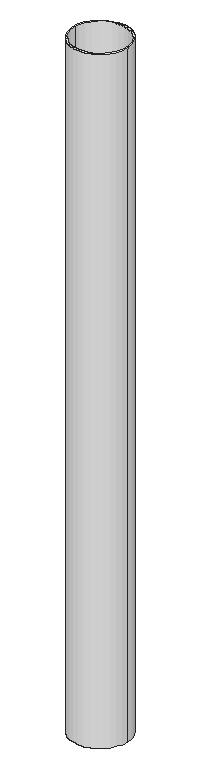
Revit family "P-기둥", category 구조 기둥, Revit 2026
Family settings
  단면 모양 = 정의되지 않음
  모델 동작 재료 = 스틸
  항상 형상으로 내보내기 = 아니오
  평면의 보 전환 = 형상에서
  로드될 때 보이드를 사용하여 절단 = 아니오
  기호 표현 = 프로젝트 설정에서
  공유 = 아니오
  평면도에서 미리 절단된 패밀리 표시 = 예
Parameters (values of type "CHS 219.1x26.4")
  Assembly Code = ""
  Structural Material [instance] = 금속 - 스틸 - 345 MPa
  A = 0.003 m²
  W = 0.259
  OD = 219.1 mm
  t = 5 mm
Reference planes
  plane 1 "중심(앞/뒤)": y = 0
  plane 2: z = 0
  plane 3 "중심(왼쪽/오른쪽)": x = 0
  plane 4: x = -109.55
  plane 5: x = 109.55
  plane 6: y = 109.55
  plane 7: y = -109.55
  plane 8: x = -104.55
  plane 9: x = 104.55
Forms (mm)
  Extrusion 1, solid, material "금속 - 스틸 - 345 MPa" <- "Structural Material", detail levels medium+fine
    sketch origin (0, 0, 0) x (1, 0, 0) y (0, 1, 0)
      loop
        circle (0, 0) r 109.55
      loop
        circle (0, 0) r 104.55
    from 0 to 2500
Lines and regions (mm)
  symbolic lines, style "StructuralColumnStickSymbols", detail levels coarse
    curve 1: arc (-109.55, 0, 0) -> (0, -109.55, 0) -> (109.55, 0, 0) r 109.55
    curve 2: arc (109.55, 0, 0) -> (0, 109.55, 0) -> (-109.55, 0, 0) r 109.55
Dimensions and locks
  equal spacing: plane 4, plane 3 "중심(왼쪽/오른쪽)", plane 5
  equal spacing: plane 7, plane 1 "중심(앞/뒤)", plane 6
  "OD": plane 7 to plane 6
  "OD": plane 4 to plane 5
  "t": plane 4 to plane 8
  "t": plane 9 to plane 5
  aligned and locked: level to Extrusion 1
  aligned and locked: level to plane 2
  aligned and locked: Extrusion 1 to plane 2
  aligned and locked: curve 1 to Extrusion 1
Automatic sketch dimensions
  Extrusion 1 sketch curve to plane 1 "중심(앞/뒤)" = 0 mm  (x2)
  Extrusion 1 sketch curve to plane 4 = 0 mm
  Extrusion 1 sketch curve to plane 8 = 0 mm
  Extrusion 1 sketch curve to plane 3 "중심(왼쪽/오른쪽)" = 0 mm  (x2)
